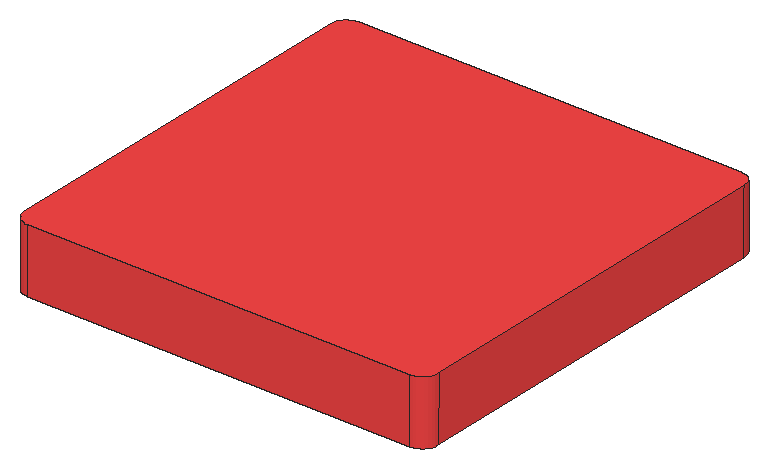
Revit family "Signage_07_Assistive-Listening-Systems", category Specialty Equipment, host Face, Revit 2026
Family settings
  Host = Face
  Round Connector Dimension = Use Diameter
  Part Type = Normal
  Classification Number = 23.40.90.11.11
  Enable Cutting in Views = No
  Cut with Voids When Loaded = No
  Maintain Annotation Orientation = No
  Shared = No
  Room Calculation Point = No
Parameters
  thickness = 0.93"
  Length = 6.00"
  Height = 6.00"
  Default Elevation = 48.00"
Reference planes (in)
  plane 1 "Centre (avant/arrière)": y = 0
  plane 2: z = 0
  plane 3 "Centre (gauche/droite)": x = 0
  plane 4: x = -3
  plane 5: y = 3
  plane 6: x = 3
  plane 7: y = -3
  plane 8: z = 0.93
  plane 9: x = 5.78078
  plane 10: y = 0.50015
Forms (in)
  Extrusion 1, solid, material "RED"
    sketch origin (0, 0, 0) x (1, 0, 0) y (0, 1, 0)
      loop
        line (3, -2.77496) -> (3, 2.77496)
        arc (3, 2.77496) -> (2.93409, 2.93409) -> (2.77496, 3) r 0.22504
        line (2.77496, 3) -> (-2.77496, 3)
        arc (-2.77496, 3) -> (-2.93409, 2.93409) -> (-3, 2.77496) r 0.22504
        line (-3, 2.77496) -> (-3, -2.77105)
        arc (-3, -2.77105) -> (-2.93294, -2.93294) -> (-2.77105, -3) r 0.22895
        line (-2.77105, -3) -> (2.77471, -3)
        arc (2.77471, -3) -> (2.9366, -2.93294) -> (3.00366, -2.77105) r 0.22895
    from 0 to 0.93
Lines and regions (in)
  Split face 1
    outline origin (0, 0, 0.93) x (1, 0, 0) y (0, 1, 0)
      loop
        line (-2.48713, 2.49729) -> (-2.48713, -1.77342) -> (-1.29148, -0.59149) -> (-0.46266, -1.17183) -> (-1.78614, -2.49531) -> (2.50453, -2.49531) -> (2.50453, 1.79091) -> (1.63519, 0.92157)
        arc (1.63519, 0.92157) -> (1.43964, 1.40541) -> (1.11171, 1.81136) r 1.77324
        line (1.11171, 1.81136) -> (1.79764, 2.49729) -> (-2.48713, 2.49729)
  Split face 2
    outline origin (0, 0, 0.93) x (1, 0, 0) y (0, 1, 0)
      loop
        arc (1.2887, -0.14991) -> (1.3258, 1.03694) -> (0.50727, 1.89716) r 1.53953
        arc (0.50727, 1.89716) -> (-0.29904, 1.98073) -> (-1.01534, 1.60119) r 1.39287
        arc (-1.01534, 1.60119) -> (-1.33095, 1.09562) -> (-1.4309, 0.50806) r 1.53953
        line (-1.4309, 0.50806) -> (-1.10973, 0.3583)
        arc (-1.10973, 0.3583) -> (-1.12462, 0.43655) -> (-1.13101, 0.51595) r 0.73909
        arc (-1.13101, 0.51595) -> (-1.05148, 0.98652) -> (-0.80006, 1.39216) r 1.23953
        arc (-0.80006, 1.39216) -> (-0.24036, 1.68652) -> (0.38868, 1.62158) r 1.09287
        arc (0.38868, 1.62158) -> (1.04753, 0.92465) -> (1.01192, -0.03375) r 1.23953
        arc (1.01192, -0.03375) -> (0.90163, -0.25762) -> (0.75015, -0.45596) r 1.28489
        arc (0.75015, -0.45596) -> (0.49332, -0.79185) -> (0.30589, -1.17087) r 2.18811
        arc (0.30589, -1.17087) -> (0.25339, -1.32734) -> (0.19217, -1.48061) r 2.93389
        arc (0.19217, -1.48061) -> (0.07254, -1.61753) -> (-0.09316, -1.69238) r 0.42762
        arc (-0.09316, -1.69238) -> (-0.31752, -1.69049) -> (-0.52001, -1.59383) r 0.51763
        line (-0.52001, -1.59383) -> (-0.49275, -1.93661)
        arc (-0.49275, -1.93661) -> (-0.22115, -1.99183) -> (0.05549, -1.97495) r 1.063
        arc (0.05549, -1.97495) -> (0.27826, -1.87347) -> (0.43062, -1.68187) r 0.52395
        arc (0.43062, -1.68187) -> (0.51728, -1.47789) -> (0.58976, -1.26845) r 3.23389
        arc (0.58976, -1.26845) -> (0.75062, -0.94619) -> (0.96974, -0.66035) r 1.88811
        arc (0.96974, -0.66035) -> (1.15368, -0.42041) -> (1.2887, -0.14991) r 1.58489
  Split face 3
    outline origin (0, 0, 0.93) x (1, 0, 0) y (0, 1, 0)
      loop
        arc (-0.71733, 1.26639) -> (-0.93968, 0.8272) -> (-0.94954, 0.33503) r 1.10651
        line (-0.94954, 0.33503) -> (-0.68797, 0.51819)
        arc (-0.68797, 0.51819) -> (-0.65424, 0.81391) -> (-0.49446, 1.06503) r 0.66257
        arc (-0.49446, 1.06503) -> (0.18805, 1.24211) -> (0.68252, 0.73944) r 0.70493
        arc (0.68252, 0.73944) -> (0.71465, 0.5394) -> (0.68442, 0.33907) r 0.6582
        arc (0.68442, 0.33907) -> (0.6672, 0.27575) -> (0.64513, 0.21395) r 0.84697
        line (0.64513, 0.21395) -> (0.96843, 0.24224)
        arc (0.96843, 0.24224) -> (1.01465, 0.53263) -> (0.97064, 0.82337) r 0.9582
        arc (0.97064, 0.82337) -> (0.25521, 1.53471) -> (-0.71733, 1.26639) r 1.00493
Dimensions and locks (in)
  equal spacing: plane 5, plane 1 "Centre (avant/arrière)", plane 7
  "Height": plane 5 to plane 7
  equal spacing: plane 4, plane 3 "Centre (gauche/droite)", plane 6
  "Length": plane 4 to plane 6
  "thickness": level to plane 8
  aligned and locked: plane 2 to host face
  aligned and locked: level to host face
  aligned and locked: plane 6 to Extrusion 1 sketch curve
  aligned and locked: plane 5 to Extrusion 1 sketch curve
  aligned and locked: Extrusion 1 sketch curve to plane 4
  aligned and locked: Extrusion 1 sketch curve to plane 7
  aligned and locked: level to Extrusion 1
  aligned and locked: plane 8 to Extrusion 1
Automatic sketch dimensions
  host sketch curve to host sketch curve = 96.00"  (x2)
  Extrusion 1 sketch curve to Extrusion 1 sketch curve = 0.22504"
  plane 4 to Extrusion 1 sketch curve = 0.22895"
  Extrusion 1 sketch curve to plane 6 = 0.22529"
  Extrusion 1 sketch curve to plane 6 = 0.22504"
  plane 7 to Extrusion 1 sketch curve = 0.22895"
  Extrusion 1 sketch curve to Extrusion 1 sketch curve = 0.00391"
  Split face 1 sketch curve to Extrusion 1 = 0.51287"
  Split face 1 sketch curve to Split face 1 sketch curve = 0.70099"
  Split face 1 sketch curve to Split face 1 sketch curve = 1.19565"
  Split face 1 sketch curve to Split face 1 sketch curve = 0.82882"
  Split face 1 sketch curve to Split face 1 sketch curve = 1.20276"
  Split face 1 sketch curve to Extrusion 1 = 0.49547"
  Split face 1 sketch curve to Extrusion 1 = 0.50469"
  Split face 1 sketch curve to Split face 1 sketch curve = 0.72189"
  Split face 1 sketch curve to Split face 1 sketch curve = 0.58034"
  Split face 1 sketch curve to Split face 1 sketch curve = 1.09773"
  Split face 1 sketch curve to Split face 1 sketch curve = 1.39282"
  Split face 1 sketch curve to Split face 1 sketch curve = 0.52348"
  Split face 1 sketch curve to Split face 1 sketch curve = 0.70638"
  Split face 1 sketch curve to Split face 1 sketch curve = 0.7069"
  Split face 1 sketch curve to Split face 1 sketch curve = 0.41533"
  Split face 1 sketch curve to Extrusion 1 = 0.50271"
  Split face 1 sketch curve to Extrusion 1 = 1.18864"
  Split face 2 sketch curve to Split face 2 sketch curve = 0.00"  (x18)
  Split face 2 sketch curve to Extrusion 1 = 0.49926"
  Split face 2 sketch curve to Split face 2 sketch curve = 1.06983"
  Split face 2 sketch curve to Split face 2 sketch curve = 0.9109"
  Split face 2 sketch curve to Extrusion 1 = 1.06339"
  Split face 2 sketch curve to Split face 2 sketch curve = 0.02726"
  Split face 2 sketch curve to Split face 2 sketch curve = 0.31893"
  Split face 2 sketch curve to Split face 2 sketch curve = 0.20178"
  Split face 2 sketch curve to Split face 2 sketch curve = 0.01877"
  Split face 2 sketch curve to Split face 2 sketch curve = 0.05408"
  Split face 2 sketch curve to Split face 2 sketch curve = 0.07789"
  Split face 2 sketch curve to Split face 2 sketch curve = 0.138"
  Split face 2 sketch curve to Split face 2 sketch curve = 0.07922"
  Split face 2 sketch curve to Split face 2 sketch curve = 0.14136"
  Split face 2 sketch curve to Extrusion 1 = 0.64817"
  Split face 2 sketch curve to Extrusion 1 = 1.05326"
  Split face 2 sketch curve to Split face 2 sketch curve = 0.34278"
  Split face 2 sketch curve to Split face 2 sketch curve = 0.13324"
  Split face 2 sketch curve to Split face 2 sketch curve = 0.18644"
  Split face 2 sketch curve to Split face 2 sketch curve = 0.08803"
  Split face 2 sketch curve to Split face 2 sketch curve = 0.25471"
  Split face 2 sketch curve to Split face 2 sketch curve = 1.2777"
  Split face 2 sketch curve to Split face 2 sketch curve = 0.06844"
  Split face 2 sketch curve to Split face 2 sketch curve = 0.08861"
  Split face 2 sketch curve to Split face 2 sketch curve = 0.11594"
  Split face 2 sketch curve to Split face 2 sketch curve = 0.06066"
  Split face 2 sketch curve to Split face 2 sketch curve = 0.12557"
  Split face 2 sketch curve to Split face 2 sketch curve = 0.2999"
  Split face 2 sketch curve to Split face 2 sketch curve = 0.02127"
  Split face 2 sketch curve to Split face 2 sketch curve = 0.11567"
  Split face 2 sketch curve to Split face 2 sketch curve = 0.21527"
  Split face 2 sketch curve to Split face 2 sketch curve = 0.23648"
  Split face 2 sketch curve to Split face 2 sketch curve = 0.11373"
  Split face 2 sketch curve to Split face 2 sketch curve = 0.42195"
  Split face 2 sketch curve to Split face 2 sketch curve = 0.11859"
  Split face 2 sketch curve to Split face 2 sketch curve = 0.28387"
  Split face 2 sketch curve to Split face 2 sketch curve = 0.27678"
  Split face 2 sketch curve to Split face 2 sketch curve = 0.15765"
  Split face 3 sketch curve to Split face 3 sketch curve = 0.00"  (x5)
  Split face 3 sketch curve to Extrusion 1 = 2.05046"
  Split face 3 sketch curve to Split face 3 sketch curve = 0.11124"
  Split face 3 sketch curve to Split face 3 sketch curve = 0.02972"
  Split face 3 sketch curve to Split face 3 sketch curve = 0.05636"
  Split face 3 sketch curve to Split face 3 sketch curve = 0.0775"
  Split face 3 sketch curve to Split face 3 sketch curve = 0.51117"
  Split face 3 sketch curve to Split face 3 sketch curve = 0.3233"
  Split face 3 sketch curve to Extrusion 1 = 2.78605"
  Split face 3 sketch curve to Split face 3 sketch curve = 0.02829"
  Split face 3 sketch curve to Split face 3 sketch curve = 0.12108"
  Split face 3 sketch curve to Split face 3 sketch curve = 0.19448"
  Split face 3 sketch curve to Split face 3 sketch curve = 0.00676"
  Split face 3 sketch curve to Split face 3 sketch curve = 0.02324"
  Split face 3 sketch curve to Split face 3 sketch curve = 0.02642"
  Split face 3 sketch curve to Split face 3 sketch curve = 0.03019"
  Split face 3 sketch curve to Split face 3 sketch curve = 0.26158"
  Split face 3 sketch curve to Split face 3 sketch curve = 0.22287"
  Split face 3 sketch curve to Split face 3 sketch curve = 0.28812"
  Split face 3 sketch curve to Split face 3 sketch curve = 0.03929"
  Split face 3 sketch curve to Split face 3 sketch curve = 0.18316"
